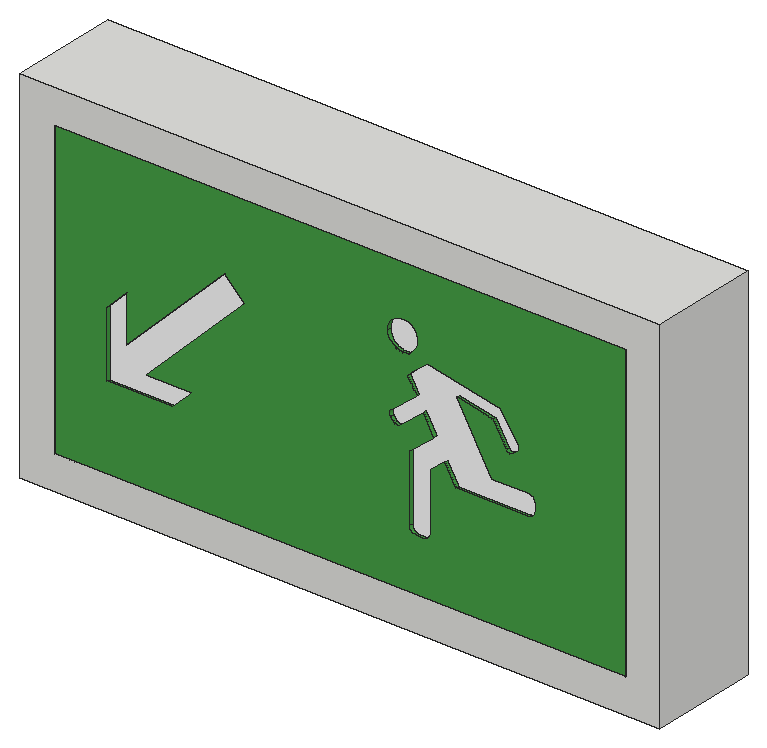
Revit family "T93060A Kubus65 Kombi LED stål Alog_Tak", category Lighting Fixtures, Revit 2016
Family settings
  Part Type = Normal
  Round Connector Dimension = Use Diameter
  OmniClass Number = 23.80.70.11.21
  OmniClass Title = Emergency Lighting
  Work Plane-Based = No
  Always vertical = Yes
  Cut with Voids When Loaded = No
  Light Source = Yes
  Shared = No
  Room Calculation Point = No
Parameters (values of type "MarkeringsLys (45 Ned mot venstre)")
  Width = 63.5 mm  # constant formula
  Wattage Comments = "17 W"
  Wattage = 9.2903 W
  built-in parameter 1150110 = 1 (stored number, unit not read)
  Voltage = 230 V
  URL = ""
  Type Comments = "-UN"
  built-in parameter 1114217 = 1 (stored number, unit not read)
  Tilt Angle = 90.00°
  built-in parameter 1150109 = 1 (stored number, unit not read)
  built-in parameter 1150134 = 3
  Symbol Positive Direction [instance] = yes
  Symbol Offset Side [instance] = 0 mm
  Symbol Offset Out [instance] = 0 mm
  built-in parameter 1150113 = 1 (stored number, unit not read)
  Reference Line Out [instance] = 50 mm
  Photometric Web File = "20x42A12.ies"
  Number of Poles = 1
  NS8360 = "4431_WT2"
  Markeringslys ikke normal = yes
  Markeringslys  normal = no
  MarkeringsLys Venstre = no
  MarkeringsLys Opp = no
  MarkeringsLys Ned = no
  MarkeringsLys Høyre = no
  MarkeringsLys 45 Opp mot venstre = no
  MarkeringsLys 45 Opp mot høyre = no
  MarkeringsLys 45 Ned mot venstre = yes
  MarkeringsLys 45 Ned mot høyre = no
  MarkeringsLys = yes
  built-in parameter 1150105 = 109.82 (stored number, unit not read)
  Lumens = 1380 lm
  built-in parameter 1150115 = 1 (stored number, unit not read)
  Load Classification [instance] = Other
  Model = ""
  Manufacturer = "Honeywell"
  built-in parameter 1150137 = (empty or 0)
  built-in parameter 1150139 = (empty or 0)
  Length 1 = Length - 40 mm  # 330 mm
  Length = 370 mm  # constant formula
  LedeLys = no
  built-in parameter 1150112 = 1 (stored number, unit not read)
  built-in parameter 1150114 = 1 (stored number, unit not read)
  Lamp = "1"
  Keynote = "WT2"
  built-in parameter 1150132 = (empty or 0)
  built-in parameter 1150102 = (empty or 0)
  built-in parameter 1150107 = 3200 (stored number, unit not read)
  built-in parameter 1150138 = (empty or 0)
  built-in parameter 1150106 = 1.0982 (stored number, unit not read)
  Height 2 = 0 mm  # constant formula
  Height 1 = Height - 39 mm  # 170 mm
  Height = 209 mm  # constant formula
  Emit from Rectangle Width = Height  # 209 mm
  Emit from Rectangle Length = Length  # 370 mm
  Emit Shape Visible in Rendering = no
  built-in parameter 1150104 = 13.8 (stored number, unit not read)
  Dimming Lamp Color Temperature Shift = <None>
  Description = ""
  Color Filter = 16777215
  Body Material and Colour = Steel
  built-in parameter 1114218 = 1 (stored number, unit not read)
  built-in parameter 1150133 = 10 (stored number, unit not read)
  Assembly Code = "4431"
  Apparent Load = 17 VA
Types (9, lengths in mm): name | NS8360 | Markeringslys ikke normal | Markeringslys  normal | MarkeringsLys Venstre | MarkeringsLys Opp | MarkeringsLys Ned | MarkeringsLys Høyre | MarkeringsLys 45 Opp mot venstre | MarkeringsLys 45 Opp mot høyre | MarkeringsLys 45 Ned mot venstre | MarkeringsLys 45 Ned mot høyre | MarkeringsLys | LedeLys | Assembly Code
  LedeLys | "4432_WT2" | no | yes | no | no | no | no | no | no | no | no | no | yes | "4432"
  MarkeringsLys (Ned) | "4431_WT2" | no | yes | no | no | yes | no | no | no | no | no | yes | no | "4431"
  MarkeringsLys (Opp) | "4431_WT2" | no | yes | no | yes | no | no | no | no | no | no | yes | no | "4431"
  MarkeringsLys (45 Ned mot høyre) | "4431_WT2" | no | yes | no | no | no | no | no | no | no | yes | yes | no | "4431"
  MarkeringsLys (45 Ned mot venstre) | "4431_WT2" | yes | no | no | no | no | no | no | no | yes | no | yes | no | "4431"
  MarkeringsLys (45 Opp mot høyre) | "4431_WT2" | no | yes | no | no | no | no | no | yes | no | no | yes | no | "4431"
  MarkeringsLys (45 Opp mot venstre) | "4431_WT2" | yes | no | no | no | no | no | yes | no | no | no | yes | no | "4431"
  MarkeringsLys (Høyre) | "4431_WT2" | no | yes | no | no | no | yes | no | no | no | no | yes | no | "4431"
  MarkeringsLys (Venstre) | "4431_WT2" | yes | no | yes | no | no | no | no | no | no | no | yes | no | "4431"
Reference planes
  plane 1 "Light Source Axis (F/B)": y = 119.961
  plane 2 "Top": z = 83
  plane 3 "Light Source Axis (L/R)": x = 0
  plane 4 "Level": z = 0
  plane 5: x = -185
  plane 6: x = 185
  plane 7: x = -165
  plane 8: x = 165
  plane 9: z = -104.5
  plane 10: z = 0
  plane 11: z = -209
  plane 12: z = -19.5
  plane 13: z = -189.5
  plane 14: y = 151.711
  plane 15: y = 88.211
  plane 16: y = 90.211
  plane 17: y = 149.711
Forms (mm)
  Extrusion 1, solid, material "Steel" <- "Body Material and Colour"
    sketch origin (0, 119.961, -31.25) x (1, 0, 0) y (0, 0, 1)
      loop
        line (-185, 31.25) -> (-185, -177.75) -> (185, -177.75) -> (185, 31.25) -> (-185, 31.25)
      loop
        line (-165, 11.75) -> (-165, -158.25) -> (165, -158.25) -> (165, 11.75) -> (-165, 11.75)
    from -31.75 to 31.75
  Extrusion 2, solid, material "Steel" <- "Body Material and Colour"
    sketch origin (0, 0, 0) x (0, 1, 0) y (0, 0, 1)
      loop
        line (149.711, 0) -> (90.211, 0) -> (90.211, -209) -> (149.711, -209) -> (149.711, 0)
    from -185 to 185
Cuts and joins
  joined: Extrusion 1, Extrusion 2
Lines and regions (mm)
  model lines, style "InvisibleLines"
    curve 1: line (0, 119.961, 0) -> (0, 169.961, 0)
  symbolic lines, style "InvisibleLines"
    curve 2: line (0, 119.961, 0) -> (0, 119.961, 50)
Dimensions and locks
  equal spacing: plane 5, plane 3 "Light Source Axis (L/R)", plane 6
  "Length": plane 5 to plane 6
  equal spacing: plane 7, plane 3 "Light Source Axis (L/R)", plane 8
  "Length 1": plane 7 to plane 8
  "Reference Line Out": plane 1 "Light Source Axis (F/B)" to curve 1
  "Height 2": plane 4 "Level" to plane 10
  "Emit from Rectangle Width": plane 10 to plane 11
  equal spacing: plane 10, plane 9, plane 11
  equal spacing: plane 12, plane 9, plane 13
  "Height 1": plane 12 to plane 13
  equal spacing: plane 14, plane 1 "Light Source Axis (F/B)", plane 15
  "Width": plane 14 to plane 15
  aligned and locked: plane 4 "Level" to level
  aligned and locked: plane 3 "Light Source Axis (L/R)" to nested 2
  aligned and locked: plane 1 "Light Source Axis (F/B)" to nested 2
  aligned and locked: Extrusion 1 sketch curve to plane 6
  aligned and locked: plane 5 to Extrusion 1 sketch curve
  aligned and locked: plane 7 to Extrusion 1 sketch curve
  aligned and locked: Extrusion 1 sketch curve to plane 8
  aligned and locked: plane 9 to imposter light
  aligned and locked: imposter light to plane 3 "Light Source Axis (L/R)"
  aligned and locked: plane 1 "Light Source Axis (F/B)" to curve 1
  aligned and locked: plane 3 "Light Source Axis (L/R)" to curve 1
  aligned and locked: Extrusion 1 to plane 11
  aligned and locked: plane 10 to Extrusion 1
  aligned and locked: nested 1 to plane 3 "Light Source Axis (L/R)"
  aligned and locked: Extrusion 1 to Extrusion 2 sketch curve
  aligned and locked: plane 3 "Light Source Axis (L/R)" to nested 4
  aligned and locked: nested 6 to plane 3 "Light Source Axis (L/R)"
  aligned and locked: nested 6 to plane 9
  aligned and locked: plane 3 "Light Source Axis (L/R)" to nested 5
  aligned and locked: plane 9 to nested 5
  aligned and locked: nested 8 to plane 3 "Light Source Axis (L/R)"
  aligned and locked: nested 8 to plane 9
  aligned and locked: plane 9 to nested 7
  aligned and locked: plane 3 "Light Source Axis (L/R)" to nested 7
  aligned and locked: nested 9 to plane 9
  aligned and locked: nested 9 to plane 3 "Light Source Axis (L/R)"
  aligned and locked: plane 9 to nested 4
  aligned and locked: plane 3 "Light Source Axis (L/R)" to nested 3
  aligned and locked: plane 9 to nested 3
  aligned and locked: plane 9 to nested 10
  aligned and locked: plane 3 "Light Source Axis (L/R)" to nested 10
  aligned and locked: nested 11 to plane 3 "Light Source Axis (L/R)"
  aligned and locked: nested 11 to plane 9
  aligned and locked: plane 9 to nested 12
  aligned and locked: nested 13 to plane 9
  aligned and locked: plane 3 "Light Source Axis (L/R)" to nested 12
  aligned and locked: nested 13 to plane 3 "Light Source Axis (L/R)"
  aligned and locked: nested 15 to plane 9
  aligned and locked: plane 9 to nested 14
  aligned and locked: plane 3 "Light Source Axis (L/R)" to nested 14
  aligned and locked: nested 15 to plane 3 "Light Source Axis (L/R)"
  aligned and locked: plane 3 "Light Source Axis (L/R)" to nested 16
  aligned and locked: nested 17 to plane 3 "Light Source Axis (L/R)"
  aligned and locked: nested 17 to plane 9
  aligned and locked: plane 9 to nested 16
  aligned and locked: plane 14 to cut or joined group of Extrusion 1, Extrusion 2
  aligned and locked: nested 16 to plane 15
  aligned and locked: nested 17 to plane 14
  aligned and locked: Extrusion 1 sketch curve to plane 12
  aligned and locked: Extrusion 1 sketch curve to plane 13
  aligned and locked: cut or joined group of Extrusion 1, Extrusion 2 to plane 15
  aligned and locked: cut or joined group of Extrusion 1, Extrusion 2 to plane 16
  aligned and locked: plane 17 to cut or joined group of Extrusion 1, Extrusion 2
  aligned and locked: imposter light to plane 14
  aligned and locked: nested 11 to plane 14
  aligned and locked: nested 10 to plane 15
  aligned and locked: nested 13 to plane 14
  aligned and locked: nested 12 to plane 15
  aligned and locked: nested 8 to plane 14
  aligned and locked: nested 5 to plane 15
  aligned and locked: nested 15 to plane 14
  aligned and locked: nested 14 to plane 15
  aligned and locked: nested 9 to plane 14
  aligned and locked: nested 7 to plane 15
  aligned and locked: nested 1 to plane 14
  aligned and locked: nested 3 to plane 15
  aligned and locked: nested 6 to plane 14
  aligned and locked: nested 4 to plane 15
  aligned and locked: nested 1 to plane 9
  aligned and locked: plane 3 "Light Source Axis (L/R)" to curve 2
  aligned and locked: plane 10 to curve 2
  aligned and locked: plane 1 "Light Source Axis (F/B)" to nested 18
  aligned and locked: plane 3 "Light Source Axis (L/R)" to nested 18
Automatic sketch dimensions
  Extrusion 1 sketch curve to plane 11 = 0 mm
  Extrusion 1 sketch curve to plane 10 = 0 mm
  Extrusion 2 sketch curve to plane 11 = 0 mm
  plane 1 "Light Source Axis (F/B)" to Extrusion 2 sketch curve = 29.75 mm
  Extrusion 2 sketch curve to plane 1 "Light Source Axis (F/B)" = 29.75 mm
  plane 2 "Top" to curve 2 = 33 mm
Nested families
  nested 1: "Formula 65_ned" at (0, 149.711, -104.5), type "Formula 65"
  nested 2: "LedelysS" at (0, 119.961, 0), visible <- "LedeLys", type "Type 1"
  nested 3: "Formula 65_ned" at (0, 90.211, -104.5), visible <- "MarkeringsLys Ned", type "Formula 65"
  nested 4: "Formula 65_opp" at (0, 90.211, -104.5), visible <- "MarkeringsLys Opp", type "Formula 65"
  nested 5: "Formula 65_skrått 45 grader ned mot venstre" at (0, 90.211, -104.5), type "Formula 65"
    with 45 ned mot venstre yes
  nested 6: "Formula 65_opp" at (0, 149.711, -104.5), type "Formula 65"
  nested 7: "Formula 65_skrått 45 grader opp mot venstre" at (0, 90.211, -104.5), type "Formula 65"
  nested 8: "Formula 65_skrått 45 grader ned mot venstre" at (0, 149.711, -104.5), type "Formula 65"
    with 45 ned mot venstre yes
  nested 9: "Formula 65_skrått 45 grader opp mot venstre" at (0, 149.711, -104.5), type "Formula 65"
  nested 10: "Formula 65_høyre" at (0, 90.211, -104.5), type "Formula 65"
  nested 11: "Formula 65_høyre" at (0, 149.711, -104.5), type "Formula 65"
  nested 12: "Formula 65_skrått 45 grader ned mot høyre" at (0, 90.211, -104.5), type "Formula 65"
  nested 13: "Formula 65_skrått 45 grader ned mot høyre" at (0, 149.711, -104.5), type "Formula 65"
  nested 14: "Formula 65_skrått 45 grader opp mot høyre" at (0, 90.211, -104.5), type "Formula 65"
  nested 15: "Formula 65_skrått 45 grader opp mot høyre" at (0, 149.711, -104.5), type "Formula 65"
  nested 16: "Formula 65_venstre" at (0, 90.211, -104.5), type "Formula 65"
    with Venstre no
  nested 17: "Formula 65_venstre" at (0, 149.711, -104.5), type "Formula 65"
    with Venstre no
  nested 18: "MarkeringslysDobbelS" at (0, 119.961, 0), visible <- "MarkeringsLys", type "Type 1"
    with Venstre ned 45 yes, Opp no, Normal no, Ikke normal yes
Connectors
  electrical at (0, 119.961, 0), driven by "Number of Poles", driven by "Load Classification", driven by "Voltage", driven by "Apparent Load"
    settings: index 1, voltage 230 V, apparent load 0 VA, apparent load phase1 17 VA, apparent load phase2 0 VA, apparent load phase3 0 VA, power factor 1, load classification "Other", number of poles 1, system type 31, power factor state 1, is connector primary yes, connector utility no, sub classification motor no, connector description ""
Definition of nested family "Formula 65_skrått 45 grader ned mot venstre"
  Parameters (values of type "Formula 65")
    L = 205 mm
    H = 135 mm
    45 ned mot venstre = no
  Reference planes
    plane 1 "Center (Front/Back)": y = 0
    plane 2: z = 0
    plane 3 "Center (Left/Right)": x = 0
    plane 4: y = -2
  Forms (mm)
    Extrusion 1, solid, visible <- "45 ned mot venstre"
      sketch origin (453.48, 0, -265.275) x (1, 0, 0) y (0, 0, 1)
        loop
          line (-288.48, 350.275) -> (-618.48, 350.275) -> (-618.48, 180.275) -> (-288.48, 180.275) -> (-288.48, 350.275)
        loop
          circle (-416.951, 312.164) r 8.743
        loop
          line (-409.79, 296.785) -> (-414.349, 292.225) -> (-409.237, 283.371) -> (-423.754, 271.19)
          arc (-423.754, 271.19) -> (-424.61, 269.546) -> (-424.052, 267.778) r 2.422
          line (-424.052, 267.778) -> (-421.977, 265.304)
          arc (-421.977, 265.304) -> (-420.333, 264.448) -> (-418.565, 265.006) r 2.422
          line (-418.565, 265.006) -> (-405.139, 276.272) -> (-398.991, 265.623) -> (-413.093, 253.79) -> (-413.093, 215.253)
          arc (-413.093, 215.253) -> (-411.911, 212.399) -> (-409.056, 211.217) r 4.036
          line (-409.056, 211.217) -> (-405.02, 211.217)
          arc (-405.02, 211.217) -> (-402.166, 212.399) -> (-400.984, 215.253) r 4.036
          line (-400.984, 215.253) -> (-400.984, 248.144) -> (-392.843, 254.975) -> (-386.394, 243.805) -> (-344.475, 243.805)
          arc (-344.475, 243.805) -> (-341.621, 244.987) -> (-340.439, 247.841) r 4.036
          line (-340.439, 247.841) -> (-340.439, 251.878)
          arc (-340.439, 251.878) -> (-341.621, 254.732) -> (-344.475, 255.914) r 4.036
          line (-344.475, 255.914) -> (-365.421, 255.914) -> (-385.749, 291.125) -> (-364.745, 287.035) -> (-357.179, 273.93)
          arc (-357.179, 273.93) -> (-355.647, 272.786) -> (-353.763, 273.11) r 2.422
          line (-353.763, 273.11) -> (-350.966, 274.927)
          arc (-350.966, 274.927) -> (-349.916, 276.454) -> (-350.254, 278.277) r 2.422
          line (-350.254, 278.277) -> (-360.781, 294.487) -> (-402.782, 302.665) -> (-409.79, 296.785)
        loop
          line (-588.076, 266.6) -> (-588.076, 228.328) -> (-549.805, 228.328) -> (-538.323, 239.81) -> (-565.113, 239.81) -> (-508.443, 296.48) -> (-519.924, 307.962) -> (-576.595, 251.291) -> (-576.595, 278.081) -> (-588.076, 266.6)
      from 0 to 2
  Dimensions and locks
    aligned and locked: level to plane 2
Definition of nested family "Formula 65_ned"
  Parameters (values of type "Formula 65")
    Ned = no
    L = 205 mm
    H = 135 mm
  Reference planes
    plane 1 "Center (Front/Back)": y = 0
    plane 2: z = 0
    plane 3 "Center (Left/Right)": x = 0
    plane 4: y = -2
  Forms (mm)
    Extrusion 1, solid, visible <- "Ned"
      sketch origin (453.48, 0, -265.275) x (1, 0, 0) y (0, 0, 1)
        loop
          line (-288.48, 350.275) -> (-618.48, 350.275) -> (-618.48, 180.275) -> (-288.48, 180.275) -> (-288.48, 350.275)
        loop
          line (-505.328, 240.087) -> (-505.328, 256.324) -> (-524.271, 237.38) -> (-524.271, 317.525) -> (-540.508, 317.525) -> (-540.508, 237.38) -> (-559.451, 256.324) -> (-559.451, 240.087) -> (-532.389, 213.025) -> (-505.328, 240.087)
        loop
          circle (-416.951, 312.164) r 8.743
        loop
          line (-409.79, 296.785) -> (-414.349, 292.225) -> (-409.237, 283.371) -> (-423.754, 271.19)
          arc (-423.754, 271.19) -> (-424.61, 269.546) -> (-424.052, 267.778) r 2.422
          line (-424.052, 267.778) -> (-421.977, 265.304)
          arc (-421.977, 265.304) -> (-420.333, 264.448) -> (-418.565, 265.006) r 2.422
          line (-418.565, 265.006) -> (-405.139, 276.272) -> (-398.991, 265.623) -> (-413.093, 253.79) -> (-413.093, 215.253)
          arc (-413.093, 215.253) -> (-411.911, 212.399) -> (-409.056, 211.217) r 4.036
          line (-409.056, 211.217) -> (-405.02, 211.217)
          arc (-405.02, 211.217) -> (-402.166, 212.399) -> (-400.984, 215.253) r 4.036
          line (-400.984, 215.253) -> (-400.984, 248.144) -> (-392.843, 254.975) -> (-386.394, 243.805) -> (-344.475, 243.805)
          arc (-344.475, 243.805) -> (-341.621, 244.987) -> (-340.439, 247.841) r 4.036
          line (-340.439, 247.841) -> (-340.439, 251.878)
          arc (-340.439, 251.878) -> (-341.621, 254.732) -> (-344.475, 255.914) r 4.036
          line (-344.475, 255.914) -> (-365.421, 255.914) -> (-385.749, 291.125) -> (-364.745, 287.035) -> (-357.179, 273.93)
          arc (-357.179, 273.93) -> (-355.647, 272.786) -> (-353.763, 273.11) r 2.422
          line (-353.763, 273.11) -> (-350.966, 274.927)
          arc (-350.966, 274.927) -> (-349.916, 276.454) -> (-350.254, 278.277) r 2.422
          line (-350.254, 278.277) -> (-360.781, 294.487) -> (-402.782, 302.665) -> (-409.79, 296.785)
      from 0 to 2
  Dimensions and locks
    aligned and locked: level to plane 2
Definition of nested family "LedelysS"
  Parameters
    CQ Symbol Positive Direction = yes
    CQ Symbol Negative Direction = not(CQ Symbol Positive Direction)  # no
    CQ Symbol Offset Side = 0 mm
    CQ Symbol Offset Out = 0 mm
  Reference planes
    plane 1: y = 0
    plane 2: x = 0
  Dimensions and locks
    "CQ Symbol Offset Out": plane 1 to nested 1
    "CQ Symbol Offset Out": plane 1 to nested 2
    "CQ Symbol Offset Side": plane 2 to nested 2
    "CQ Symbol Offset Side": nested 1 to plane 2
  Nested families
    nested 1: "LedelysSub" at (0, 0, 0), visible <- "CQ Symbol Negative Direction", type "Type 1"
    nested 2: "LedelysSub" at (0, 0, 0), visible <- "CQ Symbol Positive Direction", type "Type 1"
  Definition of nested family "LedelysSub"
    Reference planes
      plane 1: y = 0
      plane 2: x = 0
    Lines and regions (mm)
      detail lines
        curve 1: line (-4, -2, 0) -> (4, -2, 0)
        curve 2: line (4, -2, 0) -> (4, 2, 0)
        curve 3: line (4, 2, 0) -> (-4, 2, 0)
        curve 4: line (-4, 2, 0) -> (-4, -2, 0)
        curve 5: line (-3.097, -1.25, 0) -> (-0.597, 1.25, 0)
        curve 6: line (-3.097, 1.25, 0) -> (-0.597, -1.25, 0)
        curve 7: circle (-1.847, 0, 0) r 1.2 normal (0, 0, 1)
    Text (mm)
      text "LL" at (2.179, 1.025, 0)
Definition of nested family "Formula 65_opp"
  Parameters (values of type "Formula 65")
    Up = no
    L = 205 mm
    H = 135 mm
  Reference planes
    plane 1 "Center (Front/Back)": y = 0
    plane 2: z = 0
    plane 3 "Center (Left/Right)": x = 0
    plane 4: y = -2
  Forms (mm)
    Extrusion 1, solid, visible <- "Up"
      sketch origin (453.48, 0, -265.275) x (1, 0, 0) y (0, 0, 1)
        loop
          line (-288.48, 350.275) -> (-618.48, 350.275) -> (-618.48, 180.275) -> (-288.48, 180.275) -> (-288.48, 350.275)
        loop
          circle (-406.951, 312.164) r 8.743
        loop
          line (-399.79, 296.785) -> (-404.349, 292.225) -> (-399.237, 283.371) -> (-413.754, 271.19)
          arc (-413.754, 271.19) -> (-414.61, 269.546) -> (-414.052, 267.778) r 2.422
          line (-414.052, 267.778) -> (-411.977, 265.304)
          arc (-411.977, 265.304) -> (-410.333, 264.448) -> (-408.565, 265.006) r 2.422
          line (-408.565, 265.006) -> (-395.139, 276.272) -> (-388.991, 265.623) -> (-403.093, 253.79) -> (-403.093, 215.253)
          arc (-403.093, 215.253) -> (-401.911, 212.399) -> (-399.056, 211.217) r 4.036
          line (-399.056, 211.217) -> (-395.02, 211.217)
          arc (-395.02, 211.217) -> (-392.166, 212.399) -> (-390.984, 215.253) r 4.036
          line (-390.984, 215.253) -> (-390.984, 248.144) -> (-382.843, 254.975) -> (-376.394, 243.805) -> (-334.475, 243.805)
          arc (-334.475, 243.805) -> (-331.621, 244.987) -> (-330.439, 247.841) r 4.036
          line (-330.439, 247.841) -> (-330.439, 251.878)
          arc (-330.439, 251.878) -> (-331.621, 254.732) -> (-334.475, 255.914) r 4.036
          line (-334.475, 255.914) -> (-355.421, 255.914) -> (-375.749, 291.125) -> (-354.745, 287.035) -> (-347.179, 273.93)
          arc (-347.179, 273.93) -> (-345.647, 272.786) -> (-343.763, 273.11) r 2.422
          line (-343.763, 273.11) -> (-340.966, 274.927)
          arc (-340.966, 274.927) -> (-339.916, 276.454) -> (-340.254, 278.277) r 2.422
          line (-340.254, 278.277) -> (-350.781, 294.487) -> (-392.782, 302.665) -> (-399.79, 296.785)
        loop
          line (-505.328, 290.463) -> (-532.389, 317.525) -> (-559.451, 290.463) -> (-559.451, 274.226) -> (-540.508, 293.169) -> (-540.508, 213.025) -> (-524.271, 213.025) -> (-524.271, 293.169) -> (-505.328, 274.226) -> (-505.328, 290.463)
      from 0 to 2
  Dimensions and locks
    aligned and locked: level to plane 2
Definition of nested family "Formula 65_skrått 45 grader opp mot venstre"
  Parameters (values of type "Formula 65")
    L = 205 mm
    H = 135 mm
    45 opp mot venstre = no
  Reference planes
    plane 1 "Center (Front/Back)": y = 0
    plane 2: z = 0
    plane 3 "Center (Left/Right)": x = 0
    plane 4: y = -2
  Forms (mm)
    Extrusion 1, solid, visible <- "45 opp mot venstre"
      sketch origin (453.48, 0, -265.275) x (1, 0, 0) y (0, 0, 1)
        loop
          line (-288.48, 350.275) -> (-618.48, 350.275) -> (-618.48, 180.275) -> (-288.48, 180.275) -> (-288.48, 350.275)
        loop
          circle (-420.272, 307.901) r 7.948
        loop
          line (-413.762, 293.92) -> (-417.907, 289.775) -> (-413.259, 281.726) -> (-426.456, 270.652)
          arc (-426.456, 270.652) -> (-427.234, 269.157) -> (-426.728, 267.55) r 2.202
          line (-426.728, 267.55) -> (-424.841, 265.302)
          arc (-424.841, 265.302) -> (-423.346, 264.524) -> (-421.739, 265.03) r 2.202
          line (-421.739, 265.03) -> (-409.533, 275.272) -> (-403.944, 265.592) -> (-416.764, 254.834) -> (-416.764, 219.801)
          arc (-416.764, 219.801) -> (-415.69, 217.206) -> (-413.095, 216.131) r 3.669
          line (-413.095, 216.131) -> (-409.425, 216.131)
          arc (-409.425, 216.131) -> (-406.831, 217.206) -> (-405.756, 219.801) r 3.669
          line (-405.756, 219.801) -> (-405.756, 249.701) -> (-398.355, 255.911) -> (-392.493, 245.757) -> (-354.384, 245.757)
          arc (-354.384, 245.757) -> (-351.79, 246.832) -> (-350.715, 249.426) r 3.669
          line (-350.715, 249.426) -> (-350.715, 253.096)
          arc (-350.715, 253.096) -> (-351.79, 255.69) -> (-354.384, 256.765) r 3.669
          line (-354.384, 256.765) -> (-373.426, 256.765) -> (-391.907, 288.775) -> (-372.812, 285.056) -> (-365.934, 273.144)
          arc (-365.934, 273.144) -> (-364.541, 272.104) -> (-362.828, 272.398) r 2.202
          line (-362.828, 272.398) -> (-360.285, 274.049)
          arc (-360.285, 274.049) -> (-359.331, 275.438) -> (-359.638, 277.095) r 2.202
          line (-359.638, 277.095) -> (-369.208, 291.831) -> (-407.391, 299.266) -> (-413.762, 293.92)
        loop
          line (-575.84, 264.07) -> (-565.402, 253.633) -> (-565.402, 277.987) -> (-513.883, 226.468) -> (-503.446, 236.906) -> (-554.965, 288.425) -> (-530.61, 288.425) -> (-541.048, 298.862) -> (-575.84, 298.862) -> (-575.84, 264.07)
      from 0 to 2
  Dimensions and locks
    aligned and locked: level to plane 2
Definition of nested family "Formula 65_høyre"
  Parameters (values of type "Formula 65")
    L = 205 mm
    Høyre = no
    H = 135 mm
  Reference planes
    plane 1 "Center (Front/Back)": y = 0
    plane 2: z = 0
    plane 3 "Center (Left/Right)": x = 0
    plane 4: y = -2
  Forms (mm)
    Extrusion 1, solid, visible <- "Høyre"
      sketch origin (453.48, 0, -265.275) x (1, 0, 0) y (0, 0, 1)
        loop
          line (-288.48, 350.275) -> (-618.48, 350.275) -> (-618.48, 180.275) -> (-288.48, 180.275) -> (-288.48, 350.275)
        loop
          circle (-490.008, 312.164) r 8.743
        loop
          line (-497.169, 296.785) -> (-504.177, 302.665) -> (-546.178, 294.487) -> (-556.705, 278.277)
          arc (-556.705, 278.277) -> (-557.043, 276.454) -> (-555.993, 274.927) r 2.422
          line (-555.993, 274.927) -> (-553.196, 273.11)
          arc (-553.196, 273.11) -> (-551.312, 272.786) -> (-549.78, 273.93) r 2.422
          line (-549.78, 273.93) -> (-542.214, 287.035) -> (-521.21, 291.125) -> (-541.539, 255.914) -> (-562.484, 255.914)
          arc (-562.484, 255.914) -> (-565.338, 254.732) -> (-566.52, 251.878) r 4.036
          line (-566.52, 251.878) -> (-566.52, 247.841)
          arc (-566.52, 247.841) -> (-565.338, 244.987) -> (-562.484, 243.805) r 4.036
          line (-562.484, 243.805) -> (-520.565, 243.805) -> (-514.116, 254.975) -> (-505.975, 248.144) -> (-505.975, 215.253)
          arc (-505.975, 215.253) -> (-504.793, 212.399) -> (-501.939, 211.217) r 4.036
          line (-501.939, 211.217) -> (-497.903, 211.217)
          arc (-497.903, 211.217) -> (-495.049, 212.399) -> (-493.866, 215.253) r 4.036
          line (-493.866, 215.253) -> (-493.866, 253.79) -> (-507.968, 265.623) -> (-501.82, 276.272) -> (-488.394, 265.006)
          arc (-488.394, 265.006) -> (-486.627, 264.448) -> (-484.982, 265.304) r 2.422
          line (-484.982, 265.304) -> (-482.907, 267.778)
          arc (-482.907, 267.778) -> (-482.349, 269.546) -> (-483.205, 271.19) r 2.422
          line (-483.205, 271.19) -> (-497.722, 283.371) -> (-492.61, 292.225) -> (-497.169, 296.785)
        loop
          line (-343.016, 292.337) -> (-359.253, 292.337) -> (-340.31, 273.393) -> (-420.455, 273.393) -> (-420.455, 257.156) -> (-340.31, 257.156) -> (-359.253, 238.213) -> (-343.016, 238.213) -> (-315.955, 265.275) -> (-343.016, 292.337)
      from 0 to 2
  Dimensions and locks
    aligned and locked: level to plane 2
Definition of nested family "Formula 65_skrått 45 grader ned mot høyre"
  Parameters (values of type "Formula 65")
    L = 205 mm
    H = 135 mm
    45 ned mot høyre = no
  Reference planes
    plane 1 "Center (Front/Back)": y = 0
    plane 2: z = 0
    plane 3 "Center (Left/Right)": x = 0
    plane 4: y = -2
  Forms (mm)
    Extrusion 1, solid, visible <- "45 ned mot høyre"
      sketch origin (453.48, 0, -265.275) x (1, 0, 0) y (0, 0, 1)
        loop
          line (-288.48, 350.275) -> (-618.48, 350.275) -> (-618.48, 180.275) -> (-288.48, 180.275) -> (-288.48, 350.275)
        loop
          circle (-490.008, 312.164) r 8.743
        loop
          line (-497.169, 296.785) -> (-504.177, 302.665) -> (-546.178, 294.487) -> (-556.705, 278.277)
          arc (-556.705, 278.277) -> (-557.043, 276.454) -> (-555.993, 274.927) r 2.422
          line (-555.993, 274.927) -> (-553.196, 273.11)
          arc (-553.196, 273.11) -> (-551.312, 272.786) -> (-549.78, 273.93) r 2.422
          line (-549.78, 273.93) -> (-542.214, 287.035) -> (-521.21, 291.125) -> (-541.539, 255.914) -> (-562.484, 255.914)
          arc (-562.484, 255.914) -> (-565.338, 254.732) -> (-566.52, 251.878) r 4.036
          line (-566.52, 251.878) -> (-566.52, 247.841)
          arc (-566.52, 247.841) -> (-565.338, 244.987) -> (-562.484, 243.805) r 4.036
          line (-562.484, 243.805) -> (-520.565, 243.805) -> (-514.116, 254.975) -> (-505.975, 248.144) -> (-505.975, 215.253)
          arc (-505.975, 215.253) -> (-504.793, 212.399) -> (-501.939, 211.217) r 4.036
          line (-501.939, 211.217) -> (-497.903, 211.217)
          arc (-497.903, 211.217) -> (-495.049, 212.399) -> (-493.866, 215.253) r 4.036
          line (-493.866, 215.253) -> (-493.866, 253.79) -> (-507.968, 265.623) -> (-501.82, 276.272) -> (-488.394, 265.006)
          arc (-488.394, 265.006) -> (-486.627, 264.448) -> (-484.982, 265.304) r 2.422
          line (-484.982, 265.304) -> (-482.907, 267.778)
          arc (-482.907, 267.778) -> (-482.349, 269.546) -> (-483.205, 271.19) r 2.422
          line (-483.205, 271.19) -> (-497.722, 283.371) -> (-492.61, 292.225) -> (-497.169, 296.785)
        loop
          line (-324.383, 266.6) -> (-335.865, 278.081) -> (-335.865, 251.291) -> (-392.535, 307.962) -> (-404.017, 296.48) -> (-347.346, 239.81) -> (-374.136, 239.81) -> (-362.654, 228.328) -> (-324.383, 228.328) -> (-324.383, 266.6)
      from 0 to 2
  Dimensions and locks
    aligned and locked: level to plane 2
Definition of nested family "Formula 65_skrått 45 grader opp mot høyre"
  Parameters (values of type "Formula 65")
    L = 205 mm
    H = 135 mm
    45 grader opp mot høyre = no
  Reference planes
    plane 1 "Center (Front/Back)": y = 0
    plane 2: z = 0
    plane 3 "Center (Left/Right)": x = 0
    plane 4: y = -2
  Forms (mm)
    Extrusion 1, solid, visible <- "45 grader opp mot høyre"
      sketch origin (453.48, 0, -265.275) x (1, 0, 0) y (0, 0, 1)
        loop
          line (-288.48, 350.275) -> (-618.48, 350.275) -> (-618.48, 180.275) -> (-288.48, 180.275) -> (-288.48, 350.275)
        loop
          circle (-505.008, 312.164) r 8.743
        loop
          line (-512.169, 296.785) -> (-519.177, 302.665) -> (-561.178, 294.487) -> (-571.705, 278.277)
          arc (-571.705, 278.277) -> (-572.043, 276.454) -> (-570.993, 274.927) r 2.422
          line (-570.993, 274.927) -> (-568.196, 273.11)
          arc (-568.196, 273.11) -> (-566.312, 272.786) -> (-564.78, 273.93) r 2.422
          line (-564.78, 273.93) -> (-557.214, 287.035) -> (-536.21, 291.125) -> (-556.539, 255.914) -> (-577.484, 255.914)
          arc (-577.484, 255.914) -> (-580.338, 254.732) -> (-581.52, 251.878) r 4.036
          line (-581.52, 251.878) -> (-581.52, 247.841)
          arc (-581.52, 247.841) -> (-580.338, 244.987) -> (-577.484, 243.805) r 4.036
          line (-577.484, 243.805) -> (-535.565, 243.805) -> (-529.116, 254.975) -> (-520.975, 248.144) -> (-520.975, 215.253)
          arc (-520.975, 215.253) -> (-519.793, 212.399) -> (-516.939, 211.217) r 4.036
          line (-516.939, 211.217) -> (-512.903, 211.217)
          arc (-512.903, 211.217) -> (-510.049, 212.399) -> (-508.866, 215.253) r 4.036
          line (-508.866, 215.253) -> (-508.866, 253.79) -> (-522.968, 265.623) -> (-516.82, 276.272) -> (-503.394, 265.006)
          arc (-503.394, 265.006) -> (-501.627, 264.448) -> (-499.982, 265.304) r 2.422
          line (-499.982, 265.304) -> (-497.907, 267.778)
          arc (-497.907, 267.778) -> (-497.349, 269.546) -> (-498.205, 271.19) r 2.422
          line (-498.205, 271.19) -> (-512.722, 283.371) -> (-507.61, 292.225) -> (-512.169, 296.785)
        loop
          line (-324.383, 263.95) -> (-324.383, 302.221) -> (-362.654, 302.221) -> (-374.136, 290.74) -> (-347.346, 290.74) -> (-404.017, 234.069) -> (-392.535, 222.588) -> (-335.865, 279.258) -> (-335.865, 252.469) -> (-324.383, 263.95)
      from 0 to 2
  Dimensions and locks
    aligned and locked: level to plane 2
Definition of nested family "Formula 65_venstre"
  Parameters (values of type "Formula 65")
    Venstre = yes
    L = 205 mm
    H = 135 mm
  Reference planes
    plane 1 "Center (Front/Back)": y = 0
    plane 2: z = 0
    plane 3 "Center (Left/Right)": x = 0
    plane 4: y = -2
  Forms (mm)
    Extrusion 1, solid, visible <- "Venstre"
      sketch origin (453.48, 0, -265.275) x (1, 0, 0) y (0, 0, 1)
        loop
          line (-288.48, 350.275) -> (-618.48, 350.275) -> (-618.48, 180.275) -> (-288.48, 180.275) -> (-288.48, 350.275)
        loop
          circle (-401.951, 312.164) r 8.743
        loop
          line (-394.79, 296.785) -> (-399.349, 292.225) -> (-394.237, 283.371) -> (-408.754, 271.19)
          arc (-408.754, 271.19) -> (-409.61, 269.546) -> (-409.052, 267.778) r 2.422
          line (-409.052, 267.778) -> (-406.977, 265.304)
          arc (-406.977, 265.304) -> (-405.333, 264.448) -> (-403.565, 265.006) r 2.422
          line (-403.565, 265.006) -> (-390.139, 276.272) -> (-383.991, 265.623) -> (-398.093, 253.79) -> (-398.093, 215.253)
          arc (-398.093, 215.253) -> (-396.911, 212.399) -> (-394.056, 211.217) r 4.036
          line (-394.056, 211.217) -> (-390.02, 211.217)
          arc (-390.02, 211.217) -> (-387.166, 212.399) -> (-385.984, 215.253) r 4.036
          line (-385.984, 215.253) -> (-385.984, 248.144) -> (-377.843, 254.975) -> (-371.394, 243.805) -> (-329.475, 243.805)
          arc (-329.475, 243.805) -> (-326.621, 244.987) -> (-325.439, 247.841) r 4.036
          line (-325.439, 247.841) -> (-325.439, 251.878)
          arc (-325.439, 251.878) -> (-326.621, 254.732) -> (-329.475, 255.914) r 4.036
          line (-329.475, 255.914) -> (-350.421, 255.914) -> (-370.749, 291.125) -> (-349.745, 287.035) -> (-342.179, 273.93)
          arc (-342.179, 273.93) -> (-340.647, 272.786) -> (-338.763, 273.11) r 2.422
          line (-338.763, 273.11) -> (-335.966, 274.927)
          arc (-335.966, 274.927) -> (-334.916, 276.454) -> (-335.254, 278.277) r 2.422
          line (-335.254, 278.277) -> (-345.781, 294.487) -> (-387.782, 302.665) -> (-394.79, 296.785)
        loop
          line (-563.943, 292.337) -> (-591.005, 265.275) -> (-563.943, 238.213) -> (-547.706, 238.213) -> (-566.649, 257.156) -> (-486.505, 257.156) -> (-486.505, 273.393) -> (-566.649, 273.393) -> (-547.706, 292.337) -> (-563.943, 292.337)
      from 0 to 2
  Dimensions and locks
    aligned and locked: level to plane 2
Definition of nested family "MarkeringslysDobbelS"
  Parameters (values of type "Type 1")
    Venstre opp 45 = no
    Venstre ned 45 = no
    Venstre = no
    Opp = yes
    Normal = yes
    Ned = no
    Ikke normal = no
    Høyre opp 45 = no
    Høyre ned 45 = no
    Høyre = no
    CQ Symbol Positive Direction = yes
    CQ Symbol Negative Direction = not(CQ Symbol Positive Direction)  # no
    CQ Symbol Offset Side = 0 mm
    CQ Symbol Offset Out = 0 mm
  Reference planes
    plane 1: y = 0
    plane 2: x = 0
  Dimensions and locks
    "CQ Symbol Offset Out": plane 1 to nested 1
    "CQ Symbol Offset Out": plane 1 to nested 2
    "CQ Symbol Offset Side": plane 2 to nested 2
    "CQ Symbol Offset Side": nested 1 to plane 2
  Nested families
    nested 1: "Markeringslys dobbel" at (0, 0, 0), visible <- "CQ Symbol Negative Direction", type "Type 1"
    nested 2: "Markeringslys dobbel" at (0, 0, 0), visible <- "CQ Symbol Positive Direction", type "Type 1"
  Definition of nested family "Markeringslys dobbel"
    Parameters (values of type "Type 1")
      Venstre opp 45 = no
      Venstre ned 45 = no
      Venstre = no
      Opp = yes
      Normal = yes
      Ned = no
      Ikke normal = no
      Høyre opp 45 = no
      Høyre ned 45 = no
      Høyre = no
    Reference planes
      plane 1: y = 0
      plane 2: x = 0
    Lines and regions (mm)
      detail lines
        curve 1: line (4, -4, 0) -> (-4, -4, 0)
        curve 2: line (-4, -4, 0) -> (-4, 0, 0)
        curve 3: line (-4, 0, 0) -> (4, 0, 0)
        curve 4: line (4, 0, 0) -> (4, -4, 0)
        curve 45: line (-4, 4, 0) -> (4, 4, 0)
        curve 46: line (4, 4, 0) -> (4, 0, 0)
        curve 47: line (4, 0, 0) -> (-4, 0, 0)
        curve 48: line (-4, 0, 0) -> (-4, 4, 0)
        curve 58: circle (1.212, 0.614, 0) r 0.3 normal (0, 0, -1)
      detail lines, visible <- "Ned"
        curve 5: line (2.346, -0.5, 0) -> (1.646, -0.5, 0)
        curve 6: line (2.346, -0.5, 0) -> (2.346, -2.584, 0)
        curve 7: line (1.646, -0.5, 0) -> (1.646, -2.584, 0)
        curve 8: line (1.996, -3.5, 0) -> (2.996, -2.5, 0)
        curve 9: line (2.996, -2.5, 0) -> (2.996, -1.934, 0)
        curve 10: line (2.996, -1.934, 0) -> (2.346, -2.584, 0)
        curve 11: line (1.996, -3.5, 0) -> (0.996, -2.5, 0)
        curve 12: line (0.996, -2.5, 0) -> (0.996, -1.934, 0)
        curve 13: line (0.996, -1.934, 0) -> (1.646, -2.584, 0)
        curve 49: line (-2.346, 0.5, 0) -> (-1.646, 0.5, 0)
        curve 50: line (-2.346, 0.5, 0) -> (-2.346, 2.584, 0)
        curve 51: line (-1.646, 0.5, 0) -> (-1.646, 2.584, 0)
        curve 52: line (-1.996, 3.5, 0) -> (-2.996, 2.5, 0)
        curve 53: line (-2.996, 2.5, 0) -> (-2.996, 1.934, 0)
        curve 54: line (-2.996, 1.934, 0) -> (-2.346, 2.584, 0)
        curve 55: line (-1.996, 3.5, 0) -> (-0.996, 2.5, 0)
        curve 56: line (-0.996, 2.5, 0) -> (-0.996, 1.934, 0)
        curve 57: line (-0.996, 1.934, 0) -> (-1.646, 2.584, 0)
      detail lines, visible <- "Normal"
        curve 14: circle (-1.212, -0.614, 0) r 0.3 normal (0, 0, -1)
        curve 15: line (-0.986, -3.7, 0) -> (-1.395, -3.7, 0)
        curve 16: line (-0.986, -3.7, 0) -> (-1.823, -2.308, 0)
        curve 17: line (-1.823, -2.308, 0) -> (-1.461, -1.495, 0)
        curve 18: line (-1.069, -2.147, 0) -> (-1.461, -1.495, 0)
        curve 19: line (-1.069, -2.147, 0) -> (-0.487, -2.147, 0)
        curve 20: line (-0.487, -2.147, 0) -> (-0.487, -1.847, 0)
        curve 21: line (-0.487, -1.847, 0) -> (-0.899, -1.847, 0)
        curve 22: line (-0.899, -1.847, 0) -> (-1.307, -1.169, 0)
        curve 23: line (-1.395, -3.7, 0) -> (-2.104, -2.518, 0)
        curve 24: line (-1.307, -1.169, 0) -> (-1.753, -0.97, 0)
        curve 25: line (-1.753, -0.97, 0) -> (-2.625, -0.97, 0)
        curve 26: line (-2.625, -0.97, 0) -> (-2.99, -1.627, 0)
        curve 27: line (-2.99, -1.627, 0) -> (-2.769, -1.848, 0)
        curve 28: line (-2.769, -1.848, 0) -> (-2.457, -1.285, 0)
        curve 29: line (-2.104, -2.518, 0) -> (-2.259, -3.229, 0)
        curve 30: line (-2.259, -3.229, 0) -> (-3.557, -3.229, 0)
        curve 31: line (-3.557, -3.229, 0) -> (-3.457, -2.879, 0)
        curve 32: line (-3.457, -2.879, 0) -> (-2.541, -2.879, 0)
        curve 33: line (-2.541, -2.879, 0) -> (-2.4, -2.23, 0)
        curve 34: line (-2.4, -2.23, 0) -> (-2.021, -1.38, 0)
        curve 35: line (-2.021, -1.38, 0) -> (-2.457, -1.285, 0)
        curve 59: line (0.986, 3.7, 0) -> (1.395, 3.7, 0)
        curve 60: line (0.986, 3.7, 0) -> (1.823, 2.308, 0)
        curve 61: line (1.823, 2.308, 0) -> (1.461, 1.495, 0)
        curve 62: line (1.069, 2.147, 0) -> (1.461, 1.495, 0)
        curve 63: line (1.069, 2.147, 0) -> (0.487, 2.147, 0)
        curve 64: line (0.487, 2.147, 0) -> (0.487, 1.847, 0)
        curve 65: line (0.487, 1.847, 0) -> (0.899, 1.847, 0)
        curve 66: line (0.899, 1.847, 0) -> (1.307, 1.169, 0)
        curve 67: line (1.395, 3.7, 0) -> (2.104, 2.518, 0)
        curve 68: line (1.307, 1.169, 0) -> (1.753, 0.97, 0)
        curve 69: line (1.753, 0.97, 0) -> (2.625, 0.97, 0)
        curve 70: line (2.625, 0.97, 0) -> (2.99, 1.627, 0)
        curve 71: line (2.99, 1.627, 0) -> (2.769, 1.848, 0)
        curve 72: line (2.769, 1.848, 0) -> (2.457, 1.285, 0)
        curve 73: line (2.104, 2.518, 0) -> (2.259, 3.229, 0)
        curve 74: line (2.259, 3.229, 0) -> (3.557, 3.229, 0)
        curve 75: line (3.557, 3.229, 0) -> (3.457, 2.879, 0)
        curve 76: line (3.457, 2.879, 0) -> (2.541, 2.879, 0)
        curve 77: line (2.541, 2.879, 0) -> (2.4, 2.23, 0)
        curve 78: line (2.4, 2.23, 0) -> (2.021, 1.38, 0)
        curve 79: line (2.021, 1.38, 0) -> (2.457, 1.285, 0)
      detail lines, visible <- "Opp"
        curve 36: line (1.646, -3.5, 0) -> (2.346, -3.5, 0)
        curve 37: line (1.646, -3.5, 0) -> (1.646, -1.416, 0)
        curve 38: line (2.346, -3.5, 0) -> (2.346, -1.416, 0)
        curve 39: line (1.996, -0.5, 0) -> (0.996, -1.5, 0)
        curve 40: line (0.996, -1.5, 0) -> (0.996, -2.066, 0)
        curve 41: line (0.996, -2.066, 0) -> (1.646, -1.416, 0)
        curve 42: line (1.996, -0.5, 0) -> (2.996, -1.5, 0)
        curve 43: line (2.996, -1.5, 0) -> (2.996, -2.066, 0)
        curve 44: line (2.996, -2.066, 0) -> (2.346, -1.416, 0)
        curve 80: line (-1.646, 3.5, 0) -> (-2.346, 3.5, 0)
        curve 81: line (-1.646, 3.5, 0) -> (-1.646, 1.416, 0)
        curve 82: line (-2.346, 3.5, 0) -> (-2.346, 1.416, 0)
        curve 83: line (-1.996, 0.5, 0) -> (-0.996, 1.5, 0)
        curve 84: line (-0.996, 1.5, 0) -> (-0.996, 2.066, 0)
        curve 85: line (-0.996, 2.066, 0) -> (-1.646, 1.416, 0)
        curve 86: line (-1.996, 0.5, 0) -> (-2.996, 1.5, 0)
        curve 87: line (-2.996, 1.5, 0) -> (-2.996, 2.066, 0)
        curve 88: line (-2.996, 2.066, 0) -> (-2.346, 1.416, 0)
      detail lines, visible <- "Høyre"
        curve 89: line (0.496, -1.65, 0) -> (0.496, -2.35, 0)
        curve 90: line (0.496, -1.65, 0) -> (2.58, -1.65, 0)
        curve 91: line (0.496, -2.35, 0) -> (2.58, -2.35, 0)
        curve 92: line (3.496, -2, 0) -> (2.496, -1, 0)
        curve 93: line (2.496, -1, 0) -> (1.93, -1, 0)
        curve 94: line (1.93, -1, 0) -> (2.58, -1.65, 0)
        curve 95: line (3.496, -2, 0) -> (2.496, -3, 0)
        curve 96: line (2.496, -3, 0) -> (1.93, -3, 0)
        curve 97: line (1.93, -3, 0) -> (2.58, -2.35, 0)
        curve 100: line (-0.496, 1.65, 0) -> (-0.496, 2.35, 0)
        curve 101: line (-0.496, 1.65, 0) -> (-2.58, 1.65, 0)
        curve 102: line (-0.496, 2.35, 0) -> (-2.58, 2.35, 0)
        curve 103: line (-3.496, 2, 0) -> (-2.466, 0.97, 0)
        curve 104: line (-2.496, 1, 0) -> (-1.93, 1, 0)
        curve 105: line (-1.93, 1, 0) -> (-2.58, 1.65, 0)
        curve 106: line (-3.496, 2, 0) -> (-2.496, 3, 0)
        curve 107: line (-2.496, 3, 0) -> (-1.93, 3, 0)
        curve 108: line (-1.93, 3, 0) -> (-2.58, 2.35, 0)
      detail lines, visible <- "Venstre"
        curve 98: line (-1.496, 1, 0) -> (-2.062, 1, 0)
        curve 99: line (-2.062, 1, 0) -> (-1.412, 1.65, 0)
        curve 131: line (-0.409, -1.65, 0) -> (-0.409, -2.35, 0)
        curve 132: line (-0.409, -1.65, 0) -> (-2.493, -1.65, 0)
        curve 133: line (-0.409, -2.35, 0) -> (-2.493, -2.35, 0)
        curve 134: line (-3.409, -2, 0) -> (-2.409, -1, 0)
        curve 135: line (-2.409, -1, 0) -> (-1.843, -1, 0)
        curve 136: line (-1.843, -1, 0) -> (-2.493, -1.65, 0)
        curve 137: line (-3.409, -2, 0) -> (-2.409, -3, 0)
        curve 138: line (-2.409, -3, 0) -> (-1.843, -3, 0)
        curve 139: line (-1.843, -3, 0) -> (-2.493, -2.35, 0)
        curve 162: line (0.409, 1.65, 0) -> (0.409, 2.35, 0)
        curve 163: line (0.409, 1.65, 0) -> (2.493, 1.65, 0)
        curve 164: line (0.409, 2.35, 0) -> (2.493, 2.35, 0)
        curve 165: line (3.409, 2, 0) -> (2.409, 1, 0)
        curve 166: line (2.409, 1, 0) -> (1.843, 1, 0)
        curve 167: line (1.843, 1, 0) -> (2.493, 1.65, 0)
        curve 168: line (3.409, 2, 0) -> (2.409, 3, 0)
        curve 169: line (2.409, 3, 0) -> (1.843, 3, 0)
        curve 170: line (1.843, 3, 0) -> (2.493, 2.35, 0)
      detail lines, visible <- "Ikke normal"
        curve 109: circle (1.299, -0.614, 0) r 0.3 normal (0, 0, 1)
        curve 110: line (1.073, -3.7, 0) -> (1.482, -3.7, 0)
        curve 111: line (1.073, -3.7, 0) -> (1.91, -2.308, 0)
        curve 112: line (1.91, -2.308, 0) -> (1.548, -1.495, 0)
        curve 113: line (1.156, -2.147, 0) -> (1.548, -1.495, 0)
        curve 114: line (1.156, -2.147, 0) -> (0.574, -2.147, 0)
        curve 115: line (0.574, -2.147, 0) -> (0.574, -1.847, 0)
        curve 116: line (0.574, -1.847, 0) -> (0.986, -1.847, 0)
        curve 117: line (0.986, -1.847, 0) -> (1.394, -1.169, 0)
        curve 118: line (1.482, -3.7, 0) -> (2.192, -2.518, 0)
        curve 119: line (1.394, -1.169, 0) -> (1.84, -0.97, 0)
        curve 120: line (1.84, -0.97, 0) -> (2.713, -0.97, 0)
        curve 121: line (2.713, -0.97, 0) -> (3.077, -1.627, 0)
        curve 122: line (3.077, -1.627, 0) -> (2.856, -1.848, 0)
        curve 123: line (2.856, -1.848, 0) -> (2.544, -1.285, 0)
        curve 124: line (2.192, -2.518, 0) -> (2.346, -3.229, 0)
        curve 125: line (2.346, -3.229, 0) -> (3.644, -3.229, 0)
        curve 126: line (3.644, -3.229, 0) -> (3.544, -2.879, 0)
        curve 127: line (3.544, -2.879, 0) -> (2.628, -2.879, 0)
        curve 128: line (2.628, -2.879, 0) -> (2.487, -2.23, 0)
        curve 129: line (2.487, -2.23, 0) -> (2.108, -1.38, 0)
        curve 130: line (2.108, -1.38, 0) -> (2.544, -1.285, 0)
        curve 140: circle (-1.299, 0.614, 0) r 0.3 normal (0, 0, 1)
        curve 141: line (-1.073, 3.7, 0) -> (-1.482, 3.7, 0)
        curve 142: line (-1.073, 3.7, 0) -> (-1.91, 2.308, 0)
        curve 143: line (-1.91, 2.308, 0) -> (-1.548, 1.495, 0)
        curve 144: line (-1.156, 2.147, 0) -> (-1.548, 1.495, 0)
        curve 145: line (-1.156, 2.147, 0) -> (-0.574, 2.147, 0)
        curve 146: line (-0.574, 2.147, 0) -> (-0.574, 1.847, 0)
        curve 147: line (-0.574, 1.847, 0) -> (-0.986, 1.847, 0)
        curve 148: line (-0.986, 1.847, 0) -> (-1.394, 1.169, 0)
        curve 149: line (-1.482, 3.7, 0) -> (-2.192, 2.518, 0)
        curve 150: line (-1.394, 1.169, 0) -> (-1.84, 0.97, 0)
        curve 151: line (-1.84, 0.97, 0) -> (-2.713, 0.97, 0)
        curve 152: line (-2.713, 0.97, 0) -> (-3.077, 1.627, 0)
        curve 153: line (-3.077, 1.627, 0) -> (-2.856, 1.848, 0)
        curve 154: line (-2.856, 1.848, 0) -> (-2.544, 1.285, 0)
        curve 155: line (-2.192, 2.518, 0) -> (-2.346, 3.229, 0)
        curve 156: line (-2.346, 3.229, 0) -> (-3.644, 3.229, 0)
        curve 157: line (-3.644, 3.229, 0) -> (-3.544, 2.879, 0)
        curve 158: line (-3.544, 2.879, 0) -> (-2.628, 2.879, 0)
        curve 159: line (-2.628, 2.879, 0) -> (-2.487, 2.23, 0)
        curve 160: line (-2.487, 2.23, 0) -> (-2.108, 1.38, 0)
        curve 161: line (-2.108, 1.38, 0) -> (-2.544, 1.285, 0)
      detail lines, visible <- "Venstre opp 45"
        curve 171: line (0.601, 2.813, 0) -> (1.096, 3.308, 0)
        curve 172: line (0.601, 2.813, 0) -> (2.075, 1.339, 0)
        curve 173: line (1.096, 3.308, 0) -> (2.57, 1.834, 0)
        curve 174: line (2.97, 0.939, 0) -> (1.556, 0.939, 0)
        curve 175: line (1.556, 0.939, 0) -> (1.156, 1.339, 0)
        curve 176: line (1.156, 1.339, 0) -> (2.075, 1.339, 0)
        curve 177: line (2.97, 0.939, 0) -> (2.97, 2.354, 0)
        curve 178: line (2.97, 2.354, 0) -> (2.57, 2.754, 0)
        curve 179: line (2.57, 2.754, 0) -> (2.57, 1.834, 0)
        curve 189: line (-0.601, -2.813, 0) -> (-1.096, -3.308, 0)
        curve 190: line (-0.601, -2.813, 0) -> (-2.075, -1.339, 0)
        curve 191: line (-1.096, -3.308, 0) -> (-2.57, -1.834, 0)
        curve 192: line (-2.97, -0.939, 0) -> (-1.556, -0.939, 0)
        curve 193: line (-1.556, -0.939, 0) -> (-1.156, -1.339, 0)
        curve 194: line (-1.156, -1.339, 0) -> (-2.075, -1.339, 0)
        curve 195: line (-2.97, -0.939, 0) -> (-2.97, -2.354, 0)
        curve 196: line (-2.97, -2.354, 0) -> (-2.57, -2.754, 0)
        curve 197: line (-2.57, -2.754, 0) -> (-2.57, -1.834, 0)
      detail lines, visible <- "Venstre ned 45"
        curve 180: line (-1.096, -0.939, 0) -> (-0.601, -1.434, 0)
        curve 181: line (-1.096, -0.939, 0) -> (-2.57, -2.413, 0)
        curve 182: line (-0.601, -1.434, 0) -> (-2.075, -2.908, 0)
        curve 183: line (-2.97, -3.308, 0) -> (-2.97, -1.894, 0)
        curve 184: line (-2.97, -1.894, 0) -> (-2.57, -1.494, 0)
        curve 185: line (-2.57, -1.494, 0) -> (-2.57, -2.413, 0)
        curve 186: line (-2.97, -3.308, 0) -> (-1.556, -3.308, 0)
        curve 187: line (-1.556, -3.308, 0) -> (-1.156, -2.908, 0)
        curve 188: line (-1.156, -2.908, 0) -> (-2.075, -2.908, 0)
        curve 198: line (1.096, 0.939, 0) -> (0.601, 1.434, 0)
        curve 199: line (1.096, 0.939, 0) -> (2.57, 2.413, 0)
        curve 200: line (0.601, 1.434, 0) -> (2.075, 2.908, 0)
        curve 201: line (2.97, 3.308, 0) -> (2.97, 1.894, 0)
        curve 202: line (2.97, 1.894, 0) -> (2.57, 1.494, 0)
        curve 203: line (2.57, 1.494, 0) -> (2.57, 2.413, 0)
        curve 204: line (2.97, 3.308, 0) -> (1.556, 3.308, 0)
        curve 205: line (1.556, 3.308, 0) -> (1.156, 2.908, 0)
        curve 206: line (1.156, 2.908, 0) -> (2.075, 2.908, 0)
      detail lines, visible <- "Høyre ned 45"
        curve 207: line (1.18, -0.517, 0) -> (0.685, -1.012, 0)
        curve 208: line (1.18, -0.517, 0) -> (2.654, -1.991, 0)
        curve 209: line (0.685, -1.012, 0) -> (2.159, -2.486, 0)
        curve 210: line (3.054, -2.886, 0) -> (3.054, -1.472, 0)
        curve 211: line (3.054, -1.472, 0) -> (2.654, -1.072, 0)
        curve 212: line (2.654, -1.072, 0) -> (2.654, -1.991, 0)
        curve 213: line (3.054, -2.886, 0) -> (1.64, -2.886, 0)
        curve 214: line (1.64, -2.886, 0) -> (1.24, -2.486, 0)
        curve 215: line (1.24, -2.486, 0) -> (2.159, -2.486, 0)
        curve 225: line (-1.18, 0.517, 0) -> (-0.685, 1.012, 0)
        curve 226: line (-1.18, 0.517, 0) -> (-2.654, 1.991, 0)
        curve 227: line (-0.685, 1.012, 0) -> (-2.159, 2.486, 0)
        curve 228: line (-3.054, 2.886, 0) -> (-3.054, 1.472, 0)
        curve 229: line (-3.054, 1.472, 0) -> (-2.654, 1.072, 0)
        curve 230: line (-2.654, 1.072, 0) -> (-2.654, 1.991, 0)
        curve 231: line (-3.054, 2.886, 0) -> (-1.64, 2.886, 0)
        curve 232: line (-1.64, 2.886, 0) -> (-1.24, 2.486, 0)
        curve 233: line (-1.24, 2.486, 0) -> (-2.159, 2.486, 0)
      detail lines, visible <- "Høyre opp 45"
        curve 216: line (0.685, -2.391, 0) -> (1.18, -2.886, 0)
        curve 217: line (0.685, -2.391, 0) -> (2.159, -0.917, 0)
        curve 218: line (1.18, -2.886, 0) -> (2.654, -1.412, 0)
        curve 219: line (3.054, -0.517, 0) -> (1.64, -0.517, 0)
        curve 220: line (1.64, -0.517, 0) -> (1.24, -0.917, 0)
        curve 221: line (1.24, -0.917, 0) -> (2.159, -0.917, 0)
        curve 222: line (3.054, -0.517, 0) -> (3.054, -1.932, 0)
        curve 223: line (3.054, -1.932, 0) -> (2.654, -2.332, 0)
        curve 224: line (2.654, -2.332, 0) -> (2.654, -1.412, 0)
        curve 234: line (-0.685, 2.391, 0) -> (-1.18, 2.886, 0)
        curve 235: line (-0.685, 2.391, 0) -> (-2.159, 0.917, 0)
        curve 236: line (-1.18, 2.886, 0) -> (-2.654, 1.412, 0)
        curve 237: line (-3.054, 0.517, 0) -> (-1.64, 0.517, 0)
        curve 238: line (-1.64, 0.517, 0) -> (-1.24, 0.917, 0)
        curve 239: line (-1.24, 0.917, 0) -> (-2.159, 0.917, 0)
        curve 240: line (-3.054, 0.517, 0) -> (-3.054, 1.932, 0)
        curve 241: line (-3.054, 1.932, 0) -> (-2.654, 2.332, 0)
        curve 242: line (-2.654, 2.332, 0) -> (-2.654, 1.412, 0)
